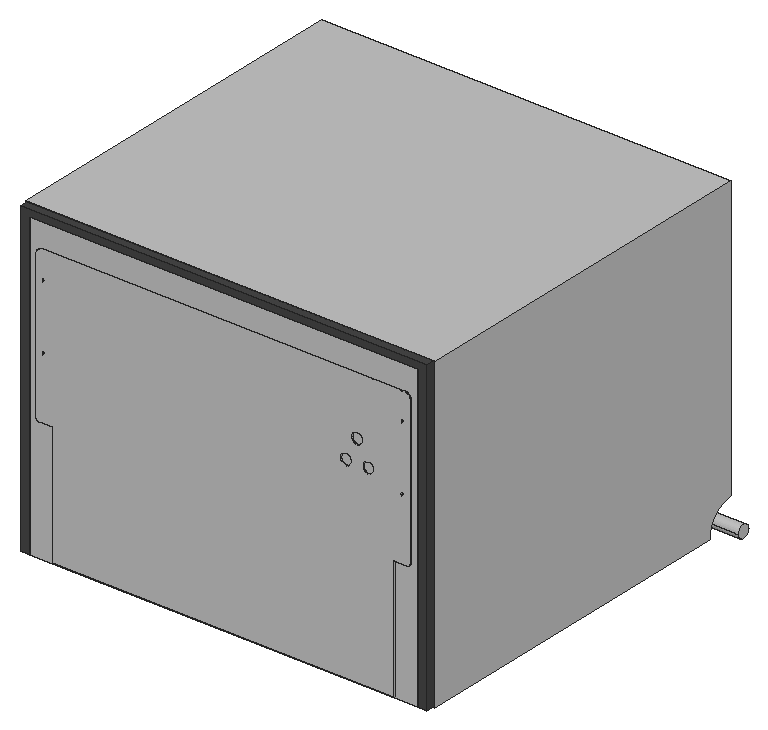
Revit family "FP_Revit_18_DD24STX6I1_DishDrawer_90001206A", category Specialty Equipment, Revit 2018
Family settings
  Round Connector Dimension = Use Diameter
  Part Type = Normal
  OmniClass Number = 23.40.40.14.31
  OmniClass Title = Cleaning and Disposal Equipment
  Work Plane-Based = No
  Always vertical = Yes
  Cut with Voids When Loaded = Yes
  Shared = No
  Room Calculation Point = No
Parameters (values of type "DD24STX6I1")
  Visibility - Door Panel = no
  Visibility - Clearance Required = yes
  URL = "www.fisherpaykel.com"
  Product - Width = 599 mm  # constant formula
  Product - Height = 454 mm  # constant formula
  Product - Depth = 571 mm  # constant formula
  Panel - Depth [instance] = 18 mm
  Model = "DD24STX6I1"
  Material - Trim = Fisher & Paykel - Black
  Material - Front = Fisher & Paykel - Stainless Steel
  Material - Body = Fisher & Paykel - Grey
  Manufacturer = "Fisher & Paykel Appliances"
  FFL Offset [instance] = 406 mm
  Description = "24\" DishDrawer, Integrated"
  Connector Description - Water = "Supplied hose to suit 3/8\" (9 mm) male compression fitting"
  Connector Description - Venting = "Vent Ducting Kit Provided, refer to instalation guide"
  Connector Description - Sanitary = "Drain Hose, No Fitting Required"
  Connector Description - Electrical = "120 V, 60 Hz, 15A, fused electrical supply"
  Chassis - Depth = 553 mm  # constant formula
  Cavity - Width = 600 mm  # constant formula
  Cavity - Depth (excluding front panel) = 560 mm  # constant formula
Types (3, lengths in mm): name | Model
  (no name) | "DD24STX6I1"
  DD24STX6I1 | "DD24STX6I1"
  DD24STX6HI1 | "DD24STX6HI1"
Reference planes
  plane 1 "Datum": y = 0
  plane 2: z = 0
  plane 3 "Center (Left/Right)": x = 0
  plane 4: z = 0
  plane 5 "Product LHS": x = -299.5
  plane 6 "Product RHS": x = 299.5
  plane 7 "Product - Depth": y = 553
  plane 8 "Cavity LHS": x = -300
  plane 9 "Cavity RHS": x = 300
  plane 10 "Cavity - Depth": y = 560
  plane 11 "FFL Offset": z = 406
  plane 12 "Product - Height": z = 860
  plane 13 "Cavity - Height": z = 862
  plane 14 "Door Panel - Depth": y = -18
Forms (mm)
  Extrusion 1, solid, material "Fisher & Paykel - Grey" <- "Material - Body"
    sketch origin (0, 0, 0) x (0, 1, 0) y (0, 0, 1)
      loop
        line (12.5, 860) -> (12.5, 406) -> (510.35, 406) -> (510.35, 450.298) -> (553, 450.298) -> (553, 860) -> (12.5, 860)
    from -299.5 to 299.5
  Extrusion 2, solid, material "Fisher & Paykel - Grey" <- "Material - Body", detail levels fine
    sketch origin (0, 0, 0) x (1, 0, 0) y (0, 0, 1)
      loop
        line (-274, 805.176) -> (-274, 591.952)
        arc (-274, 591.952) -> (-272.536, 588.416) -> (-269, 586.952) r 5
        line (-269, 586.952) -> (-250, 586.952) -> (-250, 408.926) -> (250, 408.926) -> (250, 586.952) -> (269, 586.952)
        arc (269, 586.952) -> (272.536, 588.416) -> (274, 591.952) r 5
        line (274, 591.952) -> (274, 805.176)
        arc (274, 805.176) -> (271.071, 812.247) -> (264, 815.176) r 10
        line (264, 815.176) -> (-264, 815.176)
        arc (-264, 815.176) -> (-271.071, 812.247) -> (-274, 805.176) r 10
      loop
        circle (262.5, 774.452) r 1.941
      loop
        circle (262.5, 678.952) r 2
      loop
        circle (-262.5, 774.452) r 1.941
      loop
        circle (-262.5, 678.952) r 2
      loop
        circle (196.5, 728.952) r 8
      loop
        circle (213, 695.952) r 8
      loop
        circle (180, 695.952) r 8
    from 0 to 0.8
  Extrusion 3, solid, material "Fisher & Paykel - Black" <- "Material - Trim"
    sketch origin (0, 0, 0) x (1, 0, 0) y (0, 0, 1)
      loop
        line (-297.5, 860) -> (-297.5, 407) -> (-283.999, 407) -> (-283.999, 850) -> (284, 850) -> (284, 407) -> (297.5, 407) -> (297.5, 860) -> (-297.5, 860)
    from -12.5 to 0
  Sweep 4, solid, material "Fisher & Paykel - Grey" <- "Material - Body", detail levels medium+fine
    path origin (0, 537.938, 5) x (1, 0, 0) y (0, 0, 1)
      loop
        line (-134.5, 445.298) -> (-134.5, 432.132)
        arc (-134.5, 432.132) -> (-140.358, 417.989) -> (-154.5, 412.132) r 20
        line (-154.5, 412.132) -> (-349.5, 412.132)
    profile origin (-134.5, 537.938, 443.715) x (0, -1, 0) y (1, 0, 0)
      loop
        circle (0, 0) r 9
  Sweep 5, solid, material "Fisher & Paykel - Grey" <- "Material - Body", detail levels medium+fine
    path origin (0, 0, 0) x (1, 0, 0) y (0, 0, 1)
      loop
        line (-349.186, 414.851) -> (-218.186, 414.851)
        arc (-218.186, 414.851) -> (-204.044, 420.709) -> (-198.186, 434.851) r 20
        line (-198.186, 434.851) -> (-198.186, 450.298)
    profile origin (-198.186, 0, 442.575) x (-1, 0, 0) y (0, -1, 0)
      loop
        circle (0, -524.105) r 5
  Extrusion 6, solid, material "Fisher & Paykel - Clearance Required", visible <- "Visibility - Clearance Required", detail levels coarse
    sketch origin (0, 0, 0) x (0, 1, 0) y (0, 0, 1)
      loop
        line (-18, 406) -> (-18, 860) -> (-545, 860) -> (-545, 791) -> (-586, 791) -> (-586, 774.997) -> (-545, 774.997) -> (-545, 406) -> (-18, 406)
    from -300 to 300
  Extrusion 7, solid, material "Fisher & Paykel - Clearance Required", visible <- "Visibility - Clearance Required", detail levels coarse
    sketch origin (0, 0, 0) x (1, 0, 0) y (0, 1, 0)
      loop
        line (300, 560) -> (-300, 560) -> (-300, -18) -> (300, -18) -> (300, 560)
    from 406 to 862
  Extrusion 8, solid, material "Fisher & Paykel - Grey" <- "Material - Body"
    sketch origin (0, 0, 0) x (1, 0, 0) y (0, 0, 1)
      loop
        line (-283.999, 850) -> (-283.999, 407) -> (284, 407) -> (284, 850) -> (-283.999, 850)
    from -12.5 to 0
  Extrusion 9, solid, material "Fisher & Paykel - Grey" <- "Material - Body", detail levels fine
    sketch origin (0, 0, 0) x (0, 1, 0) y (0, 0, 1)
      loop
        arc (545.956, 440.845) -> (549.529, 442.356) -> (550.933, 445.972) r 4.979
        line (550.933, 445.972) -> (550.933, 450.298) -> (510.35, 450.298) -> (510.35, 422.689) -> (530.184, 440.845) -> (545.956, 440.845)
    from -229.8 to -91.607
  Sweep 10, solid, material "Fisher & Paykel - Grey" <- "Material - Body", detail levels medium+fine
    path origin (0, 0, 0) x (1, 0, 0) y (0, 1, 0)
      loop
        line (-47.875, 510.35) -> (-47.875, 529.222)
        arc (-47.875, 529.222) -> (-52.269, 539.828) -> (-62.875, 544.222) r 15
        line (-62.875, 544.222) -> (-349.5, 544.222)
    profile origin (-47.875, 519.786, 0) x (-1, 0, 0) y (0, 0, 1)
      loop
        circle (0, 430.3) r 5
  Extrusion 11, solid, material "Fisher & Paykel - Grey" <- "Material - Body"
    sketch origin (0, 0, 0) x (0, 1, 0) y (0, 0, 1)
      loop
        line (510.35, 450.298) -> (510.35, 406) -> (514.35, 406)
        arc (514.35, 406) -> (525.48, 434.009) -> (553, 446.298) r 40
        line (553, 446.298) -> (553, 450.298) -> (510.35, 450.298)
    from 288.5 to 299.5
  Extrusion 12, solid, material "Fisher & Paykel - Grey" <- "Material - Body"
    sketch origin (0, 0, 0) x (0, 1, 0) y (0, 0, -1)
      loop
        line (510.35, -450.298) -> (553, -450.298) -> (553, -446.298)
        arc (553, -446.298) -> (525.48, -434.009) -> (514.35, -406) r 40
        line (514.35, -406) -> (510.35, -406) -> (510.35, -450.298)
    from 288.5 to 299.5
  Extrusion 13, solid, material "Fisher & Paykel - Stainless Steel" <- "Material - Front", visible <- "Visibility - Door Panel", detail levels fine
    sketch origin (0, 0, -1.893) x (1, 0, 0) y (0, 0, 1)
      loop
        line (-298, 861.893) -> (-298, 409.893) -> (298, 409.893) -> (298, 861.893) -> (-298, 861.893)
    from 0.8 to 18
  Sweep 14, solid, material "Fisher & Paykel - Grey" <- "Material - Body", detail levels medium+fine
    path origin (0, 537.938, 5) x (1, 0, 0) y (0, 0, 1)
      loop
        line (200, 445.298) -> (200, 432.132)
        arc (200, 432.132) -> (205.858, 417.989) -> (220, 412.132) r 20
        line (220, 412.132) -> (330, 412.132)
    profile origin (200, 537.938, 443.715) x (0, -1, 0) y (1, 0, 0)
      loop
        circle (0, 0) r 9
  Extrusion 15, void
    sketch origin (0, 0, 0) x (1, 0, 0) y (0, 1, 0)
      loop
        line (300, 560) -> (-300, 560) -> (-300, -18) -> (300, -18) -> (300, 560)
    from 406 to 862
Cuts and joins
  joined: Extrusion 1, Extrusion 11, Extrusion 12
Text (mm)
  text "Due to ongoing product development, product details are subject to change without notice. \nPlease always refer to www.fisherpaykel.com for the most current product information. \n© Fisher & Paykel 2020" at (41.04, -690.05, 0), in view "Ref. Level (Plan)"
Dimensions and locks
  equal spacing: plane 5 "Product LHS", plane 3 "Center (Left/Right)", plane 6 "Product RHS"
  "Product - Width": plane 5 "Product LHS" to plane 6 "Product RHS"
  "Chassis - Depth": plane 1 "Datum" to plane 7 "Product - Depth"
  equal spacing: plane 8 "Cavity LHS", plane 3 "Center (Left/Right)", plane 9 "Cavity RHS"
  "Cavity - Width": plane 8 "Cavity LHS" to plane 9 "Cavity RHS"
  Extrusion 1 sketch curve to Extrusion 1 sketch curve = 454 mm
  Extrusion 2 sketch curve to plane 11 "FFL Offset" = 180.952 mm
  plane 12 "Product - Height" to Extrusion 2 sketch curve = 44.824 mm
  locked: plane 13 "Cavity - Height" to plane 12 "Product - Height" at 2
  "Panel - Depth": plane 14 "Door Panel - Depth" to plane 1 "Datum"
  locked: plane 11 "FFL Offset" to Sweep 10 sketch curve at 24.3
  equal spacing: Extrusion 13 sketch curve, plane 3 "Center (Left/Right)", Extrusion 13 sketch curve
  locked: Extrusion 13 sketch curve to Extrusion 13 sketch curve at 596
  "Product - Height": plane 11 "FFL Offset" to plane 12 "Product - Height"
  locked: Extrusion 6 to Extrusion 8 at 1
  "FFL Offset": level to plane 11 "FFL Offset"
  locked: plane 11 "FFL Offset" to Extrusion 13 at 2
  plane 14 "Door Panel - Depth" to plane 7 "Product - Depth" = 571 mm
  plane 10 "Cavity - Depth" to plane 1 "Datum" = 560 mm
  aligned and locked: level to plane 2
  aligned and locked: plane 12 "Product - Height" to Extrusion 1
  aligned and locked: Extrusion 6 to plane 9 "Cavity RHS"
  aligned and locked: plane 8 "Cavity LHS" to Extrusion 6
  aligned and locked: Extrusion 7 sketch curve to plane 8 "Cavity LHS"
  aligned and locked: Extrusion 7 sketch curve to plane 9 "Cavity RHS"
  aligned and locked: plane 10 "Cavity - Depth" to Extrusion 7 sketch curve
  aligned and locked: Extrusion 6 sketch curve to plane 11 "FFL Offset"
  aligned and locked: Extrusion 1 sketch curve to plane 11 "FFL Offset"
  aligned and locked: Extrusion 3 to Extrusion 8  (x2)
  aligned and locked: cut or joined group of Extrusion 1, Extrusion 11, Extrusion 12 to Sweep 4 sketch curve
  aligned and locked: Extrusion 13 to Extrusion 6
  aligned and locked: Extrusion 7 to Extrusion 6
  aligned and locked: plane 14 "Door Panel - Depth" to Extrusion 13
  aligned and locked: plane 11 "FFL Offset" to Extrusion 7
  aligned and locked: plane 13 "Cavity - Height" to Extrusion 7
  aligned and locked: Extrusion 15 to Extrusion 7
  aligned and locked: plane 11 "FFL Offset" to Extrusion 15
  aligned and locked: Extrusion 3 to Extrusion 6
  aligned and locked: plane 12 "Product - Height" to Extrusion 6
  aligned and locked: plane 12 "Product - Height" to Extrusion 13
Automatic sketch dimensions
  Extrusion 1 sketch curve to plane 7 "Product - Depth" = 0 mm
  Extrusion 1 sketch curve to plane 7 "Product - Depth" = 42.65 mm
  Extrusion 1 sketch curve to plane 1 "Datum" = 12.5 mm
  Extrusion 1 sketch curve to plane 11 "FFL Offset" = 44.298 mm
  Extrusion 2 sketch curve to plane 5 "Product LHS" = 25.5 mm
  Extrusion 2 sketch curve to Extrusion 2 sketch curve = 5 mm
  Extrusion 2 sketch curve to Extrusion 2 sketch curve = 10 mm  (x2)
  Extrusion 2 sketch curve to Extrusion 2 sketch curve = 1.5 mm  (x2)
  Extrusion 2 sketch curve to plane 5 "Product LHS" = 37 mm
  Extrusion 2 sketch curve to Extrusion 2 sketch curve = 19 mm  (x2)
  plane 6 "Product RHS" to Extrusion 2 sketch curve = 119.5 mm
  Extrusion 2 sketch curve to Extrusion 2 sketch curve = 16.5 mm
  Extrusion 2 sketch curve to Extrusion 2 sketch curve = 33 mm  (x2)
  plane 6 "Product RHS" to Extrusion 2 sketch curve = 49.5 mm
  plane 6 "Product RHS" to Extrusion 2 sketch curve = 37 mm  (x2)
  Extrusion 2 sketch curve to plane 11 "FFL Offset" = 2.926 mm
  Extrusion 2 sketch curve to Extrusion 2 sketch curve = 178.026 mm
  Extrusion 2 sketch curve to Extrusion 2 sketch curve = 87 mm  (x2)
  Extrusion 2 sketch curve to Extrusion 2 sketch curve = 17 mm
  Extrusion 2 sketch curve to Extrusion 2 sketch curve = 0 mm
  Extrusion 2 sketch curve to Extrusion 2 sketch curve = 30.724 mm  (x2)
  Extrusion 3 sketch curve to plane 5 "Product LHS" = 2 mm
  Extrusion 3 sketch curve to plane 5 "Product LHS" = 15.501 mm
  plane 6 "Product RHS" to Extrusion 3 sketch curve = 15.5 mm
  plane 6 "Product RHS" to Extrusion 3 sketch curve = 2 mm
  Extrusion 3 sketch curve to plane 11 "FFL Offset" = 1 mm  (x2)
  Extrusion 3 sketch curve to plane 12 "Product - Height" = 10 mm
  Extrusion 3 sketch curve to plane 12 "Product - Height" = 0 mm
  Sweep 4 sketch curve to plane 11 "FFL Offset" = 11.132 mm
  Sweep 4 sketch curve to plane 5 "Product LHS" = 145 mm
  Sweep 4 sketch curve to Sweep 4 sketch curve = 20 mm
  plane 8 "Cavity LHS" to Sweep 4 sketch curve = 49.5 mm
  Sweep 4 sketch curve to profile plane = 0 mm
  profile plane to Sweep 4 sketch curve = 0 mm
  Sweep 5 sketch curve to plane 11 "FFL Offset" = 8.851 mm
  Sweep 5 sketch curve to plane 5 "Product LHS" = 81.314 mm
  Sweep 5 sketch curve to Sweep 5 sketch curve = 20 mm
  plane 8 "Cavity LHS" to Sweep 5 sketch curve = 49.186 mm
  Sweep 5 sketch curve to Sweep 5 sketch curve = 15.447 mm
  Sweep 5 sketch curve to profile plane = 0 mm
  Sweep 5 sketch curve to plane 1 "Datum" = 524.105 mm
  Extrusion 6 sketch curve to plane 14 "Door Panel - Depth" = 0 mm
  Extrusion 6 sketch curve to plane 12 "Product - Height" = 0 mm
  plane 14 "Door Panel - Depth" to Extrusion 6 sketch curve = 527 mm
  Extrusion 6 sketch curve to Extrusion 6 sketch curve = 0 mm
  Extrusion 6 sketch curve to Extrusion 6 sketch curve = 41 mm
  Extrusion 6 sketch curve to Extrusion 6 sketch curve = 85.003 mm
  Extrusion 6 sketch curve to Extrusion 6 sketch curve = 16.003 mm
  plane 14 "Door Panel - Depth" to Extrusion 7 sketch curve = 0 mm
  Extrusion 8 sketch curve to plane 11 "FFL Offset" = 1 mm
  Extrusion 8 sketch curve to plane 5 "Product LHS" = 15.501 mm
  plane 6 "Product RHS" to Extrusion 8 sketch curve = 15.5 mm
  Extrusion 8 sketch curve to plane 12 "Product - Height" = 10 mm
  Extrusion 9 sketch curve to plane 7 "Product - Depth" = 42.65 mm
  Extrusion 9 sketch curve to Extrusion 9 sketch curve = 19.834 mm
  Extrusion 9 sketch curve to plane 7 "Product - Depth" = 7.044 mm
  Extrusion 9 sketch curve to plane 7 "Product - Depth" = 2.067 mm
  Extrusion 9 sketch curve to plane 11 "FFL Offset" = 16.689 mm
  Extrusion 9 sketch curve to Extrusion 9 sketch curve = 18.156 mm
  Extrusion 9 sketch curve to Extrusion 9 sketch curve = 4.979 mm
  Extrusion 9 sketch curve to Extrusion 9 sketch curve = 4.326 mm
  Sweep 10 sketch curve to plane 7 "Product - Depth" = 8.778 mm
  Sweep 10 sketch curve to plane 3 "Center (Left/Right)" = 62.875 mm
  Sweep 10 sketch curve to Sweep 10 sketch curve = 15 mm
  plane 8 "Cavity LHS" to Sweep 10 sketch curve = 49.5 mm
  Sweep 10 sketch curve to Sweep 10 sketch curve = 18.872 mm
  Sweep 10 sketch curve to profile plane = 0 mm
  plane 11 "FFL Offset" to Extrusion 11 sketch curve = 0 mm
  Extrusion 11 sketch curve to plane 7 "Product - Depth" = 0 mm
  Extrusion 11 sketch curve to plane 7 "Product - Depth" = 38.65 mm
  Extrusion 11 sketch curve to Extrusion 11 sketch curve = 42.65 mm
  Extrusion 11 sketch curve to plane 11 "FFL Offset" = 0.321 mm
  plane 7 "Product - Depth" to Extrusion 11 sketch curve = 1.349 mm
  Extrusion 11 sketch curve to Extrusion 11 sketch curve = 4 mm
  plane 11 "FFL Offset" to Extrusion 12 sketch curve = 0 mm
  Extrusion 12 sketch curve to plane 7 "Product - Depth" = 0 mm
  Extrusion 12 sketch curve to plane 7 "Product - Depth" = 38.65 mm
  Extrusion 12 sketch curve to plane 7 "Product - Depth" = 42.65 mm
  Extrusion 12 sketch curve to plane 11 "FFL Offset" = 0.321 mm
  plane 7 "Product - Depth" to Extrusion 12 sketch curve = 1.349 mm
  Extrusion 12 sketch curve to Extrusion 12 sketch curve = 4 mm
  Extrusion 13 sketch curve to plane 11 "FFL Offset" = 2 mm
  Extrusion 13 sketch curve to plane 12 "Product - Height" = 0 mm
  Sweep 14 sketch curve to plane 11 "FFL Offset" = 31.132 mm
  plane 6 "Product RHS" to Sweep 14 sketch curve = 99.5 mm
  Sweep 14 sketch curve to Sweep 14 sketch curve = 20 mm
  Sweep 14 sketch curve to plane 9 "Cavity RHS" = 30 mm
  Sweep 14 sketch curve to Sweep 14 sketch curve = 13.167 mm
  Sweep 14 sketch curve to profile plane = 0 mm
  profile plane to Sweep 14 sketch curve = 0 mm
  Extrusion 15 sketch curve to plane 8 "Cavity LHS" = 0 mm
  Extrusion 15 sketch curve to plane 9 "Cavity RHS" = 0 mm
  plane 14 "Door Panel - Depth" to Extrusion 15 sketch curve = 0 mm
  Extrusion 15 sketch curve to plane 10 "Cavity - Depth" = 0 mm
  radius of Extrusion 2 sketch curve = 1.941 mm  (x2)
  radius of Extrusion 2 sketch curve = 2 mm  (x2)
  radius of Extrusion 2 sketch curve = 8 mm  (x3)
  radius of Sweep 4 sketch curve = 9 mm
  radius of Sweep 5 sketch curve = 5 mm
  radius of Sweep 10 sketch curve = 5 mm
  radius of Sweep 14 sketch curve = 9 mm
Connectors
  piping at (-349.186, 524.105, 414.851), diameter 10, driven by "Connector Description - Water"
    settings: on Sweep 5, index 2, connector inside diameter 609.6 mm, connector length 0 mm, flow factor 0, pipe flow 0.0 L/s, pressure drop 0.0 Pa, fitting loss kfactor 0, connector angle 0.00°, fixture units 0, engagement length 0 mm, angle of deflection 0.00°, flow configuration 0, flow direction 1, fitting loss method 0, system type 20, joint type 0, gender type 0, connector reference index -1, connector utility 0, adjustable connector no, is connector primary yes, connector description "Supplied hose to suit 3/8\" (9 mm) male compression fitting"
  piping at (-349.5, 537.938, 417.132), diameter 15.9, driven by "Connector Description - Sanitary"
    settings: on Sweep 4, index 4, connector inside diameter 609.6 mm, connector length 0 mm, flow factor 0, pipe flow 0.0 L/s, pressure drop 0.0 Pa, fitting loss kfactor 0, connector angle 0.00°, fixture units 0, engagement length 0 mm, angle of deflection 0.00°, flow configuration 0, flow direction 2, fitting loss method 0, system type 16, joint type 0, gender type 0, connector reference index -1, connector utility 0, adjustable connector no, is connector primary no, connector description "Drain Hose, No Fitting Required"
  electrical at (-349.5, 544.222, 430.3), driven by "Connector Description - Electrical"
    settings: on Sweep 10, index 5, voltage 230 V, apparent load 0 VA, apparent load phase1 0 VA, apparent load phase2 0 VA, apparent load phase3 0 VA, power factor 1, load classification "Other", number of poles 1, system type 30, power factor state 1, is connector primary yes, connector utility no, sub classification motor no, connector description "120 V, 60 Hz, 15A, fused electrical supply"
  piping at (330, 537.938, 417.132), diameter 17, driven by "Connector Description - Venting"
    settings: on Sweep 14, index 6, connector inside diameter 609.6 mm, connector length 0 mm, flow factor 0, pipe flow 0.0 L/s, pressure drop 0.0 Pa, fitting loss kfactor 0, connector angle 0.00°, fixture units 0, engagement length 0 mm, angle of deflection 0.00°, flow configuration 0, flow direction 2, fitting loss method 0, system type 17, joint type 0, gender type 0, connector reference index -1, connector utility 0, adjustable connector no, is connector primary no, connector description "Vent Ducting Kit Provided, refer to instalation guide"
